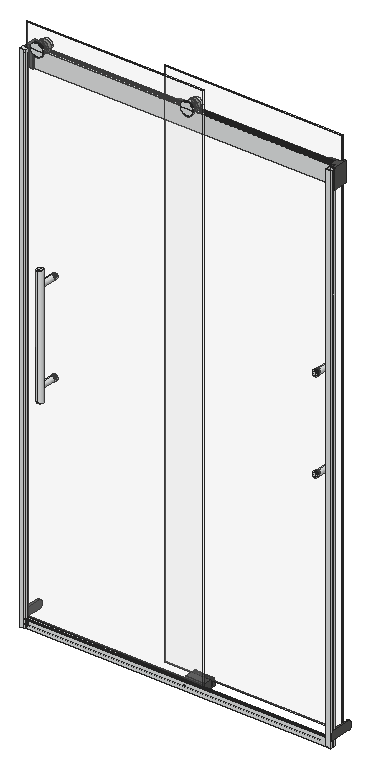
Revit family "Shower-Shower_Door-KOHLER-Levity_Plus-K-702421_1", category Specialty Equipment, host Face, Revit 2022 (continued)
Definition of nested family "K-702421"
  Lines and regions (in)
    symbolic lines, detail levels medium+fine
      curve 197: line (-5.70119, 2.47993, 74.76536) -> (-4.48952, 2.47993, 74.76536)
      curve 198: line (-5.83145, 2.16793, 74.76536) -> (-4.35927, 2.16793, 74.76536)
      curve 199: line (-5.75955, 2.82297, 74.76536) -> (-4.43116, 2.82297, 74.76536)
      curve 200: line (-5.70119, 2.52933, 74.76536) -> (-4.48952, 2.52933, 74.76536)
      curve 201: line (-6.03505, 2.99083, 74.76536) -> (-4.15567, 2.99083, 74.76536)
      curve 202: line (-6.03505, 2.86471, 74.76536) -> (-4.15567, 2.86471, 74.76536)
      curve 203: line (14.4061, 2.47993, 74.76536) -> (15.1561, 2.47993, 74.76536)
      curve 204: line (14.53357, 2.16793, 74.76536) -> (15.02863, 2.16793, 74.76536)
      curve 205: line (14.53357, 2.13223, 74.76536) -> (15.02863, 2.13223, 74.76536)
      curve 206: circle (14.7811, 4.47693, 74.76536) r 0.3885 normal (0, 0, 1)
      curve 207: arc (14.4061, 4.27721, 74.76536) -> (14.7811, 4.05254, 74.76536) -> (15.1561, 4.27721, 74.76536) r 0.42529
      curve 208: line (15.86691, 2.82297, 74.76536) -> (17.19529, 2.82297, 74.76536)
      curve 209: line (15.59142, 2.99084, 74.76536) -> (17.47078, 2.99084, 74.76536)
      curve 210: line (15.59142, 2.8647, 74.76536) -> (17.47078, 2.8647, 74.76536)
      curve 211: line (15.92679, 2.52933, 74.76536) -> (17.13541, 2.52933, 74.76536)
      curve 212: line (15.92679, 2.47993, 74.76536) -> (17.13541, 2.47993, 74.76536)
      curve 213: line (15.79242, 2.16793, 74.76536) -> (17.26978, 2.16793, 74.76536)
      curve 214: line (18.60887, 0.49045, 74.76536) -> (18.84746, 0.49045, 74.76536)
      curve 215: arc (18.60887, 0.49045, 74.76536) -> (18.53684, 0.52029, 74.76536) -> (18.507, 0.59232, 74.76536) r 0.10187
      curve 216: line (-25.79766, 0.32797, 74.76536) -> (-25.03644, 0.32797, 74.76536)
  Dimensions and locks (in)
    plane 5 to level = 30.86614"
    locked: plane 6 to plane 5 at 17.00787
    "Walk Thru": plane 7 to plane 3 "Center (Left/Right)"
    locked: plane 8 to plane 7 at 0.77715
    locked: plane 7 to plane 9 "E" at 3.28921
    plane 11 to level = 71.53543"
    locked: plane 12 to plane 11 at 2.55906
    plane 15 to plane 16 = 6.92913"
    locked: plane 21 "C" to plane 9 "E" at 1.75
    locked: plane 8 to plane 24 at 0.34046
    locked: plane 23 "D" to plane 9 "E" at 25.2506
    locked: plane 12 to plane 22 "X" at 1.47897
    locked: plane 4 to plane 12 at 3.46457
    locked: plane 6 to plane 18 at 2.02611
    locked: plane 17 to plane 5 at 1.98177
    plane 4 to level = 77.55906"
    plane 26 to level = 77.55906"
    plane 8 to plane 27 = 44.64512"
    plane 3 "Center (Left/Right)" to plane 27 = 25.79766"
    plane 28 to level = 61.5748"
    locked: plane 29 "T" to plane 9 "E" at 19.87646
    locked: plane 3 "Center (Left/Right)" to plane 27 at 25.79766
    aligned and locked: plane 2 to level
    aligned and locked: plane 7 to Extrusion 5
    aligned and locked: plane 7 to Extrusion 8
    aligned and locked: plane 8 to Extrusion 18 sketch curve
    aligned and locked: plane 8 to Extrusion 19
    aligned and locked: plane 24 to Extrusion 19
    aligned and locked: plane 7 to Extrusion 20 sketch curve
    aligned and locked: plane 8 to Extrusion 20 sketch curve
    aligned and locked: plane 24 to Extrusion 22 sketch curve
    aligned and locked: Masking region 1 sketch curve to plane 8
    aligned and locked: Masking region 1 sketch curve to Extrusion 18
    aligned and locked: Masking region 1 sketch curve to plane 7
    aligned and locked: Extrusion 18 to curve 84
    aligned and locked: Extrusion 9 to Revolve 25 sketch curve
    aligned and locked: plane 7 to Extrusion 31
    aligned and locked: Masking region 2 sketch curve to Extrusion 10
    aligned and locked: plane 24 to Masking region 3 sketch curve  (x2)
    aligned and locked: Masking region 3 sketch curve to Extrusion 18
    aligned and locked: plane 7 to Masking region 3 sketch curve  (x2)
    aligned and locked: plane 8 to Masking region 3 sketch curve
    aligned and locked: Extrusion 18 to Masking region 3 sketch curve
    aligned and locked: Masking region 4 sketch curve to Extrusion 22
    aligned and locked: Masking region 4 sketch curve to Revolve 13
    aligned and locked: Masking region 4 sketch curve to Revolve 32  (x2)
    aligned and locked: plane 24 to Masking region 4 sketch curve
    aligned and locked: Masking region 4 sketch curve to Revolve 14  (x3)
    aligned and locked: plane 7 to curve 190
    aligned and locked: curve 191 to Extrusion 18
    aligned and locked: curve 206 to Revolve 17
  Automatic sketch dimensions
    Extrusion 1 sketch curve to Extrusion 1 sketch curve = 0.03079"
    Extrusion 1 sketch curve to Extrusion 1 sketch curve = 0.2541"
    Extrusion 1 sketch curve to Extrusion 1 sketch curve = 0.25668"
    Extrusion 1 sketch curve to Extrusion 1 sketch curve = 0.0315"  (x2)
    Extrusion 1 sketch curve to Extrusion 1 sketch curve = 0.60218"
    Extrusion 1 sketch curve to Extrusion 1 sketch curve = 0.03039"
    Extrusion 1 sketch curve to plane 1 "Center (Front/Back)" = 0.35413"
    Extrusion 1 sketch curve to Extrusion 1 sketch curve = 0.47171"
    Extrusion 1 sketch curve to Extrusion 1 sketch curve = 1.10192"
    Extrusion 1 sketch curve to Extrusion 1 sketch curve = 0.00743"
    Extrusion 1 sketch curve to Extrusion 1 sketch curve = 0.34229"
    plane 1 "Center (Front/Back)" to Extrusion 2 sketch curve = 0"  (x2)
    Extrusion 2 sketch curve to Extrusion 2 sketch curve = 0.04131"
    Extrusion 2 sketch curve to Extrusion 2 sketch curve = 0.09136"
    Extrusion 2 sketch curve to Extrusion 2 sketch curve = 0.19461"  (x2)
    Extrusion 2 sketch curve to Extrusion 2 sketch curve = 0.14115"  (x2)
    plane 1 "Center (Front/Back)" to Extrusion 2 sketch curve = 0.32797"
    Extrusion 2 sketch curve to Extrusion 2 sketch curve = 0.00361"  (x2)
    Extrusion 2 sketch curve to Extrusion 2 sketch curve = 0.10339"
    plane 1 "Center (Front/Back)" to Extrusion 2 sketch curve = 0.30702"
    Extrusion 2 sketch curve to Extrusion 2 sketch curve = 0.03454"  (x2)
    Extrusion 2 sketch curve to Extrusion 2 sketch curve = 0.01994"  (x2)
    Extrusion 2 sketch curve to Extrusion 2 sketch curve = 0.04271"  (x2)
    Extrusion 2 sketch curve to Extrusion 2 sketch curve = 0.06265"
    Extrusion 2 sketch curve to plane 1 "Center (Front/Back)" = 0.20982"
    Extrusion 2 sketch curve to Extrusion 2 sketch curve = 0"
    Extrusion 2 sketch curve to plane 1 "Center (Front/Back)" = 0.22464"
    Extrusion 3 sketch curve to Extrusion 3 sketch curve = 0.05752"  (x2)
    plane 1 "Center (Front/Back)" to Extrusion 3 sketch curve = 0.32797"
    Extrusion 3 sketch curve to Extrusion 3 sketch curve = 0.59999"  (x2)
    Extrusion 3 sketch curve to Extrusion 3 sketch curve = 0.00361"  (x2)
    Extrusion 3 sketch curve to Extrusion 3 sketch curve = 0.10339"
    plane 1 "Center (Front/Back)" to Extrusion 3 sketch curve = 0.30702"
    Extrusion 3 sketch curve to Extrusion 3 sketch curve = 0.05449"  (x2)
    Extrusion 3 sketch curve to plane 1 "Center (Front/Back)" = 0.22464"
    Extrusion 3 sketch curve to plane 1 "Center (Front/Back)" = 0.25253"
    plane 1 "Center (Front/Back)" to Extrusion 4 sketch curve = 0.20982"
    plane 20 to Extrusion 4 sketch curve = 1.55993"
    Extrusion 4 sketch curve to Extrusion 4 sketch curve = 0.01972"
    Extrusion 4 sketch curve to Extrusion 4 sketch curve = 0.25882"
    level to Extrusion 4 sketch curve = 1.05663"
    Extrusion 4 sketch curve to Extrusion 4 sketch curve = 0.57809"
    Extrusion 5 sketch curve to level = 0"
    Extrusion 5 sketch curve to plane 1 "Center (Front/Back)" = 0"
    plane 1 "Center (Front/Back)" to Extrusion 5 sketch curve = 0.19878"
    Extrusion 5 sketch curve to plane 1 "Center (Front/Back)" = 3/128"
    Extrusion 5 sketch curve to Extrusion 5 sketch curve = 0.04434"
    Extrusion 5 sketch curve to Extrusion 5 sketch curve = 0.04019"
    Extrusion 5 sketch curve to Extrusion 5 sketch curve = 0.07819"
    Extrusion 5 sketch curve to Extrusion 5 sketch curve = 0.0297"
    Extrusion 5 sketch curve to Extrusion 5 sketch curve = 0.02696"
    level to Extrusion 5 sketch curve = 0.07959"
    Extrusion 5 sketch curve to plane 1 "Center (Front/Back)" = 0.14319"
    Extrusion 5 sketch curve to Extrusion 5 sketch curve = 0.05652"
    Extrusion 5 sketch curve to Extrusion 5 sketch curve = 0.06857"
    Extrusion 5 sketch curve to Extrusion 5 sketch curve = 0.02971"
    Extrusion 5 sketch curve to Extrusion 5 sketch curve = 0.03753"
    Extrusion 5 sketch curve to Extrusion 5 sketch curve = 0.02998"
    Extrusion 5 sketch curve to Extrusion 5 sketch curve = 45/128"
    Extrusion 5 sketch curve to Extrusion 5 sketch curve = 0.34333"
    Extrusion 5 sketch curve to Extrusion 5 sketch curve = 0.07224"
    Extrusion 5 sketch curve to Extrusion 5 sketch curve = 0.01101"
    Extrusion 5 sketch curve to Extrusion 5 sketch curve = 15/128"
    Extrusion 5 sketch curve to Extrusion 5 sketch curve = 0.50603"
    Extrusion 5 sketch curve to Extrusion 5 sketch curve = 0.00157"
    Extrusion 5 sketch curve to Extrusion 5 sketch curve = 0.02425"
    Extrusion 5 sketch curve to Extrusion 5 sketch curve = 0.01999"
    Extrusion 5 sketch curve to Extrusion 5 sketch curve = 0.04542"
    Extrusion 5 sketch curve to Extrusion 5 sketch curve = 0.01816"
    Revolve 6 sketch curve to plane 14 = 0"  (x2)
    Revolve 6 sketch curve to plane 1 "Center (Front/Back)" = 1.79905"
    Revolve 6 sketch curve to Revolve 6 sketch curve = 0.36643"
    Revolve 6 sketch curve to Revolve 6 sketch curve = 0.18701"  (x2)
    Revolve 6 sketch curve to Revolve 6 sketch curve = 0.13646"
    Revolve 6 sketch curve to Revolve 6 sketch curve = 0.19685"  (x2)
    Revolve 6 sketch curve to Revolve 6 sketch curve = 0.35769"
    Revolve 6 sketch curve to plane 1 "Center (Front/Back)" = 0.06827"
    Revolve 6 sketch curve to plane 1 "Center (Front/Back)" = 0.02811"
    plane 1 "Center (Front/Back)" to Revolve 6 sketch curve = 0.09751"
    Revolve 6 sketch curve to Revolve 6 sketch curve = 0.04293"
    plane 14 to Revolve 6 sketch curve = 0.4638"
    plane 14 to Revolve 6 sketch curve = 0.47661"
    Revolve 6 sketch curve to Revolve 6 sketch curve = 0.05951"
    Revolve 6 sketch curve to Revolve 6 sketch curve = 0.21742"
    Revolve 6 sketch curve to Revolve 6 sketch curve = 0.26917"
    Revolve 6 sketch curve to Revolve 6 sketch curve = 0.05219"
    Revolve 6 sketch curve to Revolve 6 sketch curve = 0.23207"
    Revolve 6 sketch curve to Revolve 6 sketch curve = 0.00276"
    Revolve 6 sketch curve to Revolve 6 sketch curve = 0.04017"
    Revolve 6 sketch curve to Revolve 6 sketch curve = 0.98425"
    Revolve 6 sketch curve to Revolve 6 sketch curve = 0"
    Revolve 7 sketch curve to plane 1 "Center (Front/Back)" = 1.79905"
    Revolve 7 sketch curve to Revolve 7 sketch curve = 0.36643"
    Revolve 7 sketch curve to Revolve 7 sketch curve = 0.18701"  (x2)
    Revolve 7 sketch curve to Revolve 7 sketch curve = 0.13646"
    Revolve 7 sketch curve to Revolve 7 sketch curve = 0.19685"  (x2)
    Revolve 7 sketch curve to Revolve 7 sketch curve = 0.35769"
    Revolve 7 sketch curve to plane 1 "Center (Front/Back)" = 0.06827"
    Revolve 7 sketch curve to plane 1 "Center (Front/Back)" = 0.02811"
    plane 1 "Center (Front/Back)" to Revolve 7 sketch curve = 0.09751"
    Revolve 7 sketch curve to Revolve 7 sketch curve = 0.04293"
    Revolve 7 sketch curve to Revolve 7 sketch curve = 0.05951"
    Revolve 7 sketch curve to Revolve 7 sketch curve = 0.21742"
    Revolve 7 sketch curve to Revolve 7 sketch curve = 0.26917"
    Revolve 7 sketch curve to Revolve 7 sketch curve = 0.05219"
    Revolve 7 sketch curve to Revolve 7 sketch curve = 0.23207"
    Revolve 7 sketch curve to Revolve 7 sketch curve = 0.00276"
    Revolve 7 sketch curve to Revolve 7 sketch curve = 0.04017"
    Revolve 7 sketch curve to Revolve 7 sketch curve = 0.98425"
    Revolve 7 sketch curve to Revolve 7 sketch curve = 0"  (x2)
    Extrusion 8 sketch curve to plane 11 = 0"
    Extrusion 8 sketch curve to plane 12 = 0"  (x2)
    Extrusion 8 sketch curve to plane 1 "Center (Front/Back)" = 0.97838"
    Extrusion 8 sketch curve to plane 12 = 0.01983"
    Extrusion 8 sketch curve to Extrusion 8 sketch curve = 0.04771"
    Extrusion 8 sketch curve to plane 12 = 0.17086"
    Extrusion 8 sketch curve to Extrusion 8 sketch curve = 0.19946"
    Extrusion 8 sketch curve to Extrusion 8 sketch curve = 0.06749"
    Extrusion 8 sketch curve to Extrusion 8 sketch curve = 0.07625"
    Extrusion 8 sketch curve to plane 12 = 0.09209"
    Extrusion 8 sketch curve to Extrusion 8 sketch curve = 0.10945"
    Extrusion 8 sketch curve to Extrusion 8 sketch curve = 0.00724"
    Extrusion 8 sketch curve to Extrusion 8 sketch curve = 0.01781"
    Extrusion 8 sketch curve to Extrusion 8 sketch curve = 0.07472"
    plane 11 to Extrusion 8 sketch curve = 0.24844"
    Extrusion 8 sketch curve to Extrusion 8 sketch curve = 0.26709"
    Extrusion 8 sketch curve to Extrusion 8 sketch curve = 0.25238"
    Extrusion 8 sketch curve to Extrusion 8 sketch curve = 0.11432"
    Extrusion 8 sketch curve to Extrusion 8 sketch curve = 0.167"
    Extrusion 8 sketch curve to Extrusion 8 sketch curve = 0.38221"
    Extrusion 8 sketch curve to Extrusion 8 sketch curve = 0.02708"
    plane 11 to Extrusion 8 sketch curve = 0.06014"
    Extrusion 8 sketch curve to Extrusion 8 sketch curve = 0.03426"
    Extrusion 8 sketch curve to Extrusion 8 sketch curve = 0.04358"
    Extrusion 8 sketch curve to Extrusion 8 sketch curve = 0.05805"
    Extrusion 8 sketch curve to Extrusion 8 sketch curve = 0.04965"
    Extrusion 8 sketch curve to Extrusion 8 sketch curve = 0.03062"
    Extrusion 8 sketch curve to Extrusion 8 sketch curve = 0.27127"
    Extrusion 8 sketch curve to Extrusion 8 sketch curve = 0.01337"
    Extrusion 8 sketch curve to Extrusion 8 sketch curve = 1/8"
    Extrusion 8 sketch curve to Extrusion 8 sketch curve = 0.62317"
    Extrusion 8 sketch curve to Extrusion 8 sketch curve = 0.09894"
    Extrusion 8 sketch curve to Extrusion 8 sketch curve = 0.11003"
    Extrusion 8 sketch curve to Extrusion 8 sketch curve = 0.06863"
    Extrusion 8 sketch curve to Extrusion 8 sketch curve = 0.04403"
    Extrusion 8 sketch curve to Extrusion 8 sketch curve = 0.07343"
    Extrusion 8 sketch curve to Extrusion 8 sketch curve = 0.06223"
    Extrusion 9 sketch curve to plane 3 "Center (Left/Right)" = 0.06152"  (x2)
    Extrusion 9 sketch curve to plane 1 "Center (Front/Back)" = 0.7253"
    Extrusion 9 sketch curve to Extrusion 9 sketch curve = 0.156"  (x2)
    Extrusion 9 sketch curve to plane 3 "Center (Left/Right)" = 0.22365"
    Extrusion 9 sketch curve to Extrusion 9 sketch curve = 0.18895"
    Extrusion 10 sketch curve to level = 0"
    Extrusion 10 sketch curve to plane 1 "Center (Front/Back)" = 0.30693"
    Extrusion 10 sketch curve to Extrusion 10 sketch curve = 0.16911"
    Extrusion 10 sketch curve to Extrusion 10 sketch curve = 0.03435"
    Extrusion 10 sketch curve to Extrusion 10 sketch curve = 0.04675"
    Extrusion 10 sketch curve to Extrusion 10 sketch curve = 0.27567"
    Extrusion 10 sketch curve to Extrusion 10 sketch curve = 0.02104"  (x2)
    level to Extrusion 10 sketch curve = 0.22974"  (x2)
    Extrusion 10 sketch curve to Extrusion 10 sketch curve = 0.10752"
    Extrusion 10 sketch curve to Extrusion 10 sketch curve = 0.08964"  (x2)
    Extrusion 10 sketch curve to Extrusion 10 sketch curve = 0.18469"  (x2)
    level to Extrusion 10 sketch curve = 0.22333"  (x2)
    Extrusion 10 sketch curve to Extrusion 10 sketch curve = 0.08608"  (x2)
    Extrusion 10 sketch curve to plane 1 "Center (Front/Back)" = 0.99117"
    Extrusion 10 sketch curve to Extrusion 10 sketch curve = 0.41665"  (x2)
    Extrusion 10 sketch curve to Extrusion 10 sketch curve = 0.04608"  (x2)
    Extrusion 10 sketch curve to Extrusion 10 sketch curve = 1.03242"
    level to Extrusion 10 sketch curve = 1.02412"
    Extrusion 10 sketch curve to Extrusion 10 sketch curve = 0.04197"
    Extrusion 10 sketch curve to Extrusion 10 sketch curve = 0.13366"
    level to Extrusion 10 sketch curve = 1.04611"
    Extrusion 10 sketch curve to Extrusion 10 sketch curve = 0.02291"
    Extrusion 10 sketch curve to Extrusion 10 sketch curve = 0.2467"
    level to Extrusion 10 sketch curve = 0.08994"
    Extrusion 10 sketch curve to Extrusion 10 sketch curve = 0.03772"
    Extrusion 10 sketch curve to Extrusion 10 sketch curve = 0.08809"
    Extrusion 10 sketch curve to Extrusion 10 sketch curve = 0.08169"
    Extrusion 10 sketch curve to Extrusion 10 sketch curve = 0.79837"
    Extrusion 10 sketch curve to Extrusion 10 sketch curve = 0.00241"
    Extrusion 10 sketch curve to Extrusion 10 sketch curve = 0.0012"
    Extrusion 10 sketch curve to Extrusion 10 sketch curve = 0.02268"
    Extrusion 10 sketch curve to Extrusion 10 sketch curve = 0.02105"
    Extrusion 10 sketch curve to Extrusion 10 sketch curve = 0.00037"
    Extrusion 10 sketch curve to Extrusion 10 sketch curve = 1.18136"
    plane 17 to Revolve 11 sketch curve = 0"  (x2)
    Revolve 11 sketch curve to plane 19 = 0.174"
    Revolve 11 sketch curve to plane 1 "Center (Front/Back)" = 0.4133"
    Revolve 11 sketch curve to Revolve 11 sketch curve = 0.34891"
    Revolve 11 sketch curve to Revolve 11 sketch curve = 0.03514"
    Revolve 11 sketch curve to Revolve 11 sketch curve = 0.19072"
    Revolve 11 sketch curve to Revolve 11 sketch curve = 0.03275"
    Revolve 11 sketch curve to plane 17 = 1/4"
    Revolve 11 sketch curve to Revolve 11 sketch curve = 0.11446"
    Revolve 11 sketch curve to Revolve 11 sketch curve = 1/8"
    plane 15 to Revolve 11 sketch curve = 35/128"
    Revolve 11 sketch curve to Revolve 11 sketch curve = 0.51073"
    Revolve 12 sketch curve to plane 15 = 0"
    Revolve 12 sketch curve to plane 5 = 0"
    Revolve 12 sketch curve to plane 6 = 0"
    Revolve 12 sketch curve to plane 19 = 0"  (x2)
    Revolve 12 sketch curve to plane 15 = 0.04993"
    Revolve 12 sketch curve to plane 15 = 0.05514"
    plane 5 to Revolve 12 sketch curve = 0.04993"
    Revolve 12 sketch curve to plane 6 = 0.05514"
    plane 6 to Revolve 12 sketch curve = 0.28607"
    Revolve 12 sketch curve to Revolve 12 sketch curve = 0.3937"
    plane 22 "X" to Revolve 14 sketch curve = 0"  (x2)
    Revolve 14 sketch curve to plane 22 "X" = 0.60618"
    Revolve 14 sketch curve to Revolve 14 sketch curve = 0.05802"
    Revolve 14 sketch curve to Revolve 14 sketch curve = 0.12991"
    Revolve 14 sketch curve to Revolve 14 sketch curve = 0.23375"
    Revolve 14 sketch curve to Revolve 14 sketch curve = 0.00086"
    Revolve 14 sketch curve to Revolve 14 sketch curve = 0.04165"  (x2)
    plane 20 to Revolve 14 sketch curve = 1.44522"
    Revolve 14 sketch curve to Revolve 14 sketch curve = 0.04078"
    Revolve 14 sketch curve to Revolve 14 sketch curve = 0.12631"
    Revolve 14 sketch curve to Revolve 14 sketch curve = 0.29364"
    Revolve 14 sketch curve to Revolve 14 sketch curve = 0.3614"
    Revolve 14 sketch curve to Revolve 14 sketch curve = 0.25664"
    Revolve 14 sketch curve to Revolve 14 sketch curve = 0.3937"
    Revolve 14 sketch curve to Revolve 14 sketch curve = 0.50511"
    plane 18 to Revolve 15 sketch curve = 0"  (x2)
    Revolve 15 sketch curve to plane 18 = 1/4"
    Revolve 15 sketch curve to Revolve 15 sketch curve = 0.11446"
    Revolve 15 sketch curve to Revolve 15 sketch curve = 0.00238"
    Revolve 15 sketch curve to Revolve 15 sketch curve = 1/8"
    Revolve 15 sketch curve to Revolve 15 sketch curve = 0.03514"
    Revolve 15 sketch curve to plane 20 = 0.00834"
    plane 20 to Revolve 15 sketch curve = 1.99579"
    Revolve 15 sketch curve to Revolve 15 sketch curve = 0.34891"
    Revolve 15 sketch curve to Revolve 15 sketch curve = 0.19072"
    plane 16 to Revolve 15 sketch curve = 0.29339"
    Revolve 15 sketch curve to Revolve 15 sketch curve = 0.51073"
    plane 17 to Revolve 16 sketch curve = 0"  (x2)
    Revolve 16 sketch curve to plane 17 = 1/4"
    Revolve 16 sketch curve to Revolve 16 sketch curve = 0.11446"
    Revolve 16 sketch curve to Revolve 16 sketch curve = 0.00238"
    Revolve 16 sketch curve to Revolve 16 sketch curve = 1/8"
    Revolve 16 sketch curve to Revolve 16 sketch curve = 0.03514"
    Revolve 16 sketch curve to plane 20 = 0.00834"
    plane 20 to Revolve 16 sketch curve = 1.997"
    Revolve 16 sketch curve to Revolve 16 sketch curve = 0.3477"
    Revolve 16 sketch curve to Revolve 16 sketch curve = 0.19072"
    plane 16 to Revolve 16 sketch curve = 0.29339"
    Revolve 16 sketch curve to Revolve 16 sketch curve = 0.51073"
    plane 1 "Center (Front/Back)" to Extrusion 19 sketch curve = 0.23901"
    plane 20 to Extrusion 19 sketch curve = 1.55993"
    Extrusion 19 sketch curve to Extrusion 19 sketch curve = 0.01972"
    Extrusion 19 sketch curve to Extrusion 19 sketch curve = 0.25882"
    level to Extrusion 19 sketch curve = 2.13263"
    Extrusion 19 sketch curve to Extrusion 19 sketch curve = 0.57809"
    plane 20 to Extrusion 22 sketch curve = 1.997"
    Extrusion 22 sketch curve to Extrusion 22 sketch curve = 0.04735"
    Extrusion 22 sketch curve to Extrusion 22 sketch curve = 0.156"  (x2)
    Extrusion 22 sketch curve to Extrusion 22 sketch curve = 0.21741"
    Extrusion 22 sketch curve to plane 23 "D" = 3.59121"
    Extrusion 22 sketch curve to Extrusion 22 sketch curve = 0.16214"
    plane 18 to Revolve 23 sketch curve = 0"  (x2)
    Revolve 23 sketch curve to plane 19 = 0.174"
    Revolve 23 sketch curve to plane 1 "Center (Front/Back)" = 0.4133"
    Revolve 23 sketch curve to Revolve 23 sketch curve = 0.34891"
    Revolve 23 sketch curve to Revolve 23 sketch curve = 0.03514"
    Revolve 23 sketch curve to Revolve 23 sketch curve = 0.19072"
    Revolve 23 sketch curve to Revolve 23 sketch curve = 0.03275"
    Revolve 23 sketch curve to plane 18 = 1/4"
    Revolve 23 sketch curve to Revolve 23 sketch curve = 0.11446"
    Revolve 23 sketch curve to Revolve 23 sketch curve = 1/8"
    plane 15 to Revolve 23 sketch curve = 35/128"
    Revolve 23 sketch curve to Revolve 23 sketch curve = 0.51073"
    Extrusion 24 sketch curve to plane 1 "Center (Front/Back)" = 0.32797"
    plane 1 "Center (Front/Back)" to Extrusion 24 sketch curve = 0.32797"
    Extrusion 24 sketch curve to Extrusion 24 sketch curve = 0.76451"
    Revolve 25 sketch curve to Revolve 25 sketch curve = 0.19685"  (x2)
    Revolve 25 sketch curve to Revolve 25 sketch curve = 0.13646"
    Revolve 25 sketch curve to Revolve 25 sketch curve = 0.37402"
    Revolve 25 sketch curve to Revolve 25 sketch curve = 0.36643"
    Revolve 25 sketch curve to plane 1 "Center (Front/Back)" = 0.06827"
    plane 1 "Center (Front/Back)" to Revolve 25 sketch curve = 0.14044"
    Revolve 25 sketch curve to Revolve 25 sketch curve = 0.12453"
    Revolve 25 sketch curve to Revolve 25 sketch curve = 0.15792"
    Revolve 25 sketch curve to Revolve 25 sketch curve = 0.07232"
    Revolve 25 sketch curve to Revolve 25 sketch curve = 0.05219"
    Revolve 25 sketch curve to Revolve 25 sketch curve = 0.275"
    Revolve 25 sketch curve to Revolve 25 sketch curve = 0.31118"
    Revolve 26 sketch curve to plane 14 = 0"  (x2)
    Revolve 26 sketch curve to plane 1 "Center (Front/Back)" = 1.79905"
    Revolve 26 sketch curve to Revolve 26 sketch curve = 0.36643"
    Revolve 26 sketch curve to Revolve 26 sketch curve = 0.37402"
    Revolve 26 sketch curve to Revolve 26 sketch curve = 0.13646"
    Revolve 26 sketch curve to Revolve 26 sketch curve = 0.19685"  (x2)
    Revolve 26 sketch curve to plane 1 "Center (Front/Back)" = 0.06827"
    plane 1 "Center (Front/Back)" to Revolve 26 sketch curve = 0.14044"
    plane 14 to Revolve 26 sketch curve = 0.53612"
    Revolve 26 sketch curve to Revolve 26 sketch curve = 0.12453"
    Revolve 26 sketch curve to Revolve 26 sketch curve = 0.15792"
    Revolve 26 sketch curve to Revolve 26 sketch curve = 0.07232"
    Revolve 26 sketch curve to Revolve 26 sketch curve = 0.05219"
    Revolve 26 sketch curve to Revolve 26 sketch curve = 0.275"
    Revolve 26 sketch curve to Revolve 26 sketch curve = 0.31118"
    Extrusion 27 sketch curve to plane 10 "B" = 0"  (x2)
    Extrusion 27 sketch curve to plane 17 = 0"
    Extrusion 27 sketch curve to plane 18 = 0"
    plane 10 "B" to Extrusion 28 sketch curve = 0"
    plane 19 to Extrusion 28 sketch curve = 0"
    Revolve 17 sketch curve to plane 5 = 0"
    Revolve 17 sketch curve to plane 16 = 0"
    Revolve 17 sketch curve to plane 6 = 0"
    Revolve 17 sketch curve to plane 20 = 0"  (x2)
    plane 5 to Revolve 17 sketch curve = 0.03117"
    Revolve 17 sketch curve to plane 6 = 0.03637"
    Revolve 17 sketch curve to plane 16 = 0.03117"
    Revolve 17 sketch curve to plane 16 = 0.03637"
    plane 6 to Revolve 17 sketch curve = 0.28607"
    Revolve 17 sketch curve to Revolve 17 sketch curve = 0.3937"
    plane 18 to Revolve 29 sketch curve = 0"  (x2)
    Revolve 29 sketch curve to plane 20 = 0"
    Revolve 29 sketch curve to plane 18 = 3/8"
    Revolve 29 sketch curve to plane 1 "Center (Front/Back)" = 1.87284"
    plane 16 to Revolve 29 sketch curve = 0.75623"
    Revolve 29 sketch curve to Revolve 29 sketch curve = 1.1811"
    plane 17 to Revolve 30 sketch curve = 0"  (x2)
    Revolve 30 sketch curve to plane 20 = 0"
    Revolve 30 sketch curve to plane 17 = 3/8"
    Revolve 30 sketch curve to plane 1 "Center (Front/Back)" = 1.87284"
    plane 16 to Revolve 30 sketch curve = 0.75623"
    Revolve 30 sketch curve to Revolve 30 sketch curve = 1.1811"
    Extrusion 31 sketch curve to plane 12 = 0"
    Extrusion 31 sketch curve to plane 1 "Center (Front/Back)" = 0.97838"
    Extrusion 31 sketch curve to plane 11 = 0"
    Extrusion 31 sketch curve to Extrusion 31 sketch curve = 0.94794"
    Revolve 32 sketch curve to plane 5 = 0"
    Revolve 32 sketch curve to plane 6 = 0"
    Revolve 32 sketch curve to plane 20 = 0"  (x2)
    Revolve 32 sketch curve to plane 16 = 0"
    Revolve 32 sketch curve to Revolve 32 sketch curve = 0.69979"
    Revolve 32 sketch curve to Revolve 32 sketch curve = 0.59055"
    plane 22 "X" to Revolve 13 sketch curve = 0"  (x2)
    plane 20 to Revolve 13 sketch curve = 1.44522"
    Revolve 13 sketch curve to plane 12 = 0.53937"
    Revolve 13 sketch curve to Revolve 13 sketch curve = 0.04078"  (x2)
    Revolve 13 sketch curve to Revolve 13 sketch curve = 0.12631"
    Revolve 13 sketch curve to plane 12 = 0.58102"
    Revolve 13 sketch curve to Revolve 13 sketch curve = 0.04165"
    Revolve 13 sketch curve to Revolve 13 sketch curve = 0.29364"
    Revolve 13 sketch curve to Revolve 13 sketch curve = 0.3614"
    Revolve 13 sketch curve to Revolve 13 sketch curve = 0.25664"
    Revolve 13 sketch curve to plane 22 "X" = 0.60618"
    Revolve 13 sketch curve to Revolve 13 sketch curve = 0.05802"
    Revolve 13 sketch curve to Revolve 13 sketch curve = 0.12991"
    Revolve 13 sketch curve to Revolve 13 sketch curve = 0.3937"
    Revolve 13 sketch curve to Revolve 13 sketch curve = 0.50511"
    Extrusion 1 sketch curve to plane 27 = 0"
    plane 27 to Extrusion 1 sketch curve = 0.0315"
    plane 27 to Extrusion 1 sketch curve = 81/256"
    Extrusion 2 sketch curve to plane 27 = 0"  (x2)
    plane 27 to Extrusion 2 sketch curve = 0.05752"  (x2)
    plane 27 to Extrusion 2 sketch curve = 0.18908"
    Extrusion 3 sketch curve to plane 27 = 0"
    plane 27 to Extrusion 9 sketch curve = 0.56656"
    Extrusion 24 sketch curve to plane 27 = 0"
    Masking region 2 sketch curve to plane 16 = 0"
    Masking region 2 sketch curve to plane 5 = 0"  (x2)
    Masking region 2 sketch curve to level = 0"  (x2)
    Masking region 2 sketch curve to plane 4 = 0"  (x2)
    plane 13 "A" to Masking region 2 sketch curve = 0"
    plane 13 "A" to Masking region 2 sketch curve = 0.45105"
    Masking region 2 sketch curve to plane 6 = 0"  (x2)
    Masking region 2 sketch curve to plane 15 = 0"
    Masking region 2 sketch curve to plane 16 = 0.04993"  (x2)
    plane 20 to Masking region 2 sketch curve = 0.37494"
    plane 20 to Masking region 2 sketch curve = 0.42487"  (x3)
    Masking region 2 sketch curve to plane 6 = 0.04993"  (x4)
    plane 20 to Masking region 2 sketch curve = 1.30112"
    plane 11 to Masking region 2 sketch curve = 0.18128"
    plane 11 to Masking region 2 sketch curve = 0.1405"
    Masking region 2 sketch curve to Masking region 2 sketch curve = 0.04078"  (x3)
    Masking region 2 sketch curve to Masking region 2 sketch curve = 0.23909"
    Masking region 2 sketch curve to Masking region 2 sketch curve = 0.25882"
    Masking region 2 sketch curve to Masking region 2 sketch curve = 0.12631"  (x2)
    Masking region 2 sketch curve to Masking region 2 sketch curve = 0.04165"  (x3)
    Masking region 2 sketch curve to Masking region 2 sketch curve = 0.14277"
    Masking region 2 sketch curve to Masking region 2 sketch curve = 0.19815"
    Masking region 2 sketch curve to Masking region 2 sketch curve = 0.17689"
    plane 17 to Masking region 2 sketch curve = 3/8"  (x2)
    Masking region 2 sketch curve to Masking region 2 sketch curve = 1.50182"
    level to Masking region 2 sketch curve = 0.22974"  (x2)
    Masking region 2 sketch curve to Masking region 2 sketch curve = 0.2467"
    Masking region 2 sketch curve to Masking region 2 sketch curve = 0.29364"  (x2)
    Masking region 2 sketch curve to Masking region 2 sketch curve = 0.04655"
    Masking region 2 sketch curve to Masking region 2 sketch curve = 0.0352"
    Masking region 2 sketch curve to Masking region 2 sketch curve = 0.0494"  (x2)
    plane 18 to Masking region 2 sketch curve = 3/8"  (x2)
    Masking region 2 sketch curve to Masking region 2 sketch curve = 1.57213"
    Masking region 2 sketch curve to Masking region 2 sketch curve = 0.43707"
    Masking region 2 sketch curve to Masking region 2 sketch curve = 0.08964"  (x2)
    Masking region 2 sketch curve to Masking region 2 sketch curve = 0.18469"  (x2)
    level to Masking region 2 sketch curve = 0.22333"  (x2)
    Masking region 2 sketch curve to Masking region 2 sketch curve = 0.08608"  (x2)
    Masking region 2 sketch curve to Masking region 2 sketch curve = 0.312"  (x9)
    level to Masking region 2 sketch curve = 1.02412"
    Masking region 2 sketch curve to Masking region 2 sketch curve = 0.02306"
    Masking region 2 sketch curve to Masking region 2 sketch curve = 0.03691"  (x7)
    Masking region 2 sketch curve to Masking region 2 sketch curve = 0.01593"  (x2)
    Masking region 2 sketch curve to Masking region 2 sketch curve = 0.03015"  (x2)
    Masking region 2 sketch curve to Masking region 2 sketch curve = 0.03582"  (x8)
    Masking region 2 sketch curve to Masking region 2 sketch curve = 0.19149"  (x8)
    Masking region 2 sketch curve to Masking region 2 sketch curve = 0.03087"  (x6)
    Masking region 2 sketch curve to Masking region 2 sketch curve = 0.36888"
    Masking region 2 sketch curve to Masking region 2 sketch curve = 0.36643"
    Masking region 2 sketch curve to Masking region 2 sketch curve = 0.18701"  (x2)
    plane 17 to Masking region 2 sketch curve = 0.3683"
    Masking region 2 sketch curve to Masking region 2 sketch curve = 0.85245"  (x2)
    plane 18 to Masking region 2 sketch curve = 0.3683"
    Masking region 2 sketch curve to plane 1 "Center (Front/Back)" = 0.99117"
    Masking region 2 sketch curve to Masking region 2 sketch curve = 0.01285"
    Masking region 2 sketch curve to Masking region 2 sketch curve = 0.13646"
    Masking region 2 sketch curve to plane 1 "Center (Front/Back)" = 0.7253"
    Masking region 2 sketch curve to Masking region 2 sketch curve = 0.41682"
    Masking region 2 sketch curve to Masking region 2 sketch curve = 0.06077"
    Masking region 2 sketch curve to Masking region 2 sketch curve = 0.04675"
    Masking region 2 sketch curve to Masking region 2 sketch curve = 0.01566"
    Masking region 2 sketch curve to Masking region 2 sketch curve = 0.03435"
    Masking region 2 sketch curve to Masking region 2 sketch curve = 0.04569"
    Masking region 2 sketch curve to Masking region 2 sketch curve = 0.08168"  (x3)
    Masking region 2 sketch curve to Masking region 2 sketch curve = 0.14801"
    Masking region 2 sketch curve to plane 1 "Center (Front/Back)" = 0.06827"
    Masking region 2 sketch curve to plane 1 "Center (Front/Back)" = 0.02728"
    plane 1 "Center (Front/Back)" to Masking region 2 sketch curve = 0.09747"
    plane 1 "Center (Front/Back)" to Masking region 2 sketch curve = 0.19878"
    plane 1 "Center (Front/Back)" to Masking region 2 sketch curve = 0.32797"
    Masking region 2 sketch curve to Masking region 2 sketch curve = 0.12919"
    Masking region 2 sketch curve to plane 19 = 0.44363"  (x3)
    Masking region 2 sketch curve to Masking region 2 sketch curve = 0.04993"  (x3)
    Masking region 2 sketch curve to plane 15 = 0.04993"  (x2)
    level to Masking region 2 sketch curve = 0.07959"
    level to Masking region 2 sketch curve = 0.08036"
    Masking region 2 sketch curve to Masking region 2 sketch curve = 0.01035"
    Masking region 2 sketch curve to Masking region 2 sketch curve = 0.03772"
    Masking region 2 sketch curve to Masking region 2 sketch curve = 0.08169"
    Masking region 2 sketch curve to Masking region 2 sketch curve = 0.08809"
    Masking region 2 sketch curve to Masking region 2 sketch curve = 0.12778"
    Masking region 2 sketch curve to Masking region 2 sketch curve = 0.00241"
    Masking region 2 sketch curve to Masking region 2 sketch curve = 0.1603"
    Masking region 2 sketch curve to Masking region 2 sketch curve = 0"  (x2)
    Masking region 2 sketch curve to Masking region 2 sketch curve = 0.57809"
    Masking region 2 sketch curve to Masking region 2 sketch curve = 1.076"
    Masking region 2 sketch curve to Masking region 2 sketch curve = 0.11658"
    plane 5 to Masking region 2 sketch curve = 0.04993"  (x4)
    Masking region 2 sketch curve to Masking region 2 sketch curve = 0.02417"  (x2)
    Masking region 2 sketch curve to Masking region 2 sketch curve = 0.01165"  (x2)
    Masking region 2 sketch curve to Masking region 2 sketch curve = 0.11335"  (x8)
    Masking region 2 sketch curve to plane 17 = 1/4"  (x2)
    Masking region 2 sketch curve to plane 17 = 3/8"  (x3)
    Masking region 2 sketch curve to plane 18 = 1/4"  (x2)
    Masking region 2 sketch curve to plane 18 = 3/8"  (x2)
    Masking region 2 sketch curve to Masking region 2 sketch curve = 1/8"
    Masking region 2 sketch curve to plane 11 = 0.07375"  (x2)
    Masking region 2 sketch curve to Masking region 2 sketch curve = 0.23375"  (x2)
    Masking region 2 sketch curve to Masking region 2 sketch curve = 0.05802"  (x2)
    Masking region 2 sketch curve to plane 22 "X" = 0.60618"
    Masking region 2 sketch curve to Masking region 2 sketch curve = 0.00086"
    plane 12 to Masking region 2 sketch curve = 0.21982"
    Masking region 2 sketch curve to plane 13 "A" = 0.46027"
    Masking region 2 sketch curve to plane 13 "A" = 0.4638"
    Masking region 2 sketch curve to Masking region 2 sketch curve = 0.07585"
    Masking region 2 sketch curve to Masking region 2 sketch curve = 0.19685"  (x2)
    Masking region 2 sketch curve to Masking region 2 sketch curve = 0.23377"
    Masking region 2 sketch curve to Masking region 2 sketch curve = 0.05219"
    Masking region 2 sketch curve to Masking region 2 sketch curve = 0.23484"
    Masking region 2 sketch curve to Masking region 2 sketch curve = 0.04099"
    plane 1 "Center (Front/Back)" to Masking region 2 sketch curve = 0.14044"
    Masking region 2 sketch curve to Masking region 2 sketch curve = 11/256"
    Masking region 2 sketch curve to Masking region 2 sketch curve = 0.18753"
    plane 20 to Masking region 2 sketch curve = 1.44522"
    curve 93 to plane 16 = 0"
    plane 5 to curve 93 = 0.04993"
    plane 20 to curve 93 = 0.42487"
    curve 95 to plane 11 = 0.07375"
    plane 20 to curve 95 = 2.07456"
    curve 95 to curve 95 = 0.23444"
    curve 94 to plane 11 = 0.07375"
    curve 94 to plane 1 "Center (Front/Back)" = 0.7253"
    curve 94 to curve 94 = 0.312"
    curve 96 to plane 1 "Center (Front/Back)" = 0.32797"
    plane 1 "Center (Front/Back)" to curve 96 = 0.14044"
    plane 12 to curve 96 = 0.21982"
    curve 65 to curve 66 = 0"  (x2)
    curve 67 to curve 68 = 0"  (x2)
    curve 65 to plane 13 "A" = 0"
    curve 72 to plane 5 = 0"
    curve 70 to plane 6 = 0"
    curve 69 to plane 10 "B" = 0"
    curve 73 to plane 10 "B" = 0"
    curve 82 to plane 10 "B" = 0"
    curve 74 to plane 10 "B" = 0"
    curve 68 to plane 13 "A" = 0"
    plane 14 to curve 68 = 0"
    curve 83 to plane 3 "Center (Left/Right)" = 0"
    curve 92 to plane 9 "E" = 0"
    curve 91 to plane 9 "E" = 0"
    curve 90 to plane 11 = 0"
    curve 89 to plane 12 = 0"
    curve 87 to plane 7 = 0"
    curve 84 to plane 24 = 0"
    curve 88 to plane 8 = 0"
    curve 83 to level = 0"
    curve 92 to plane 17 = 0"
    curve 91 to plane 18 = 0"
    curve 83 to plane 4 = 0"
    curve 75 to curve 75 = 0.38922"
    curve 73 to curve 73 = 0.39395"
    curve 70 to plane 6 = 0.05514"
    curve 70 to curve 70 = 0.05514"
    curve 66 to plane 10 "B" = 1.6511"
    level to curve 63 = 0.08036"
    plane 27 to curve 63 = 0.76451"
    plane 10 "B" to curve 82 = 0.38922"
    plane 10 "B" to curve 79 = 0.39395"
    plane 5 to curve 79 = 0.05041"
    curve 79 to curve 79 = 0.05041"
    curve 85 to curve 86 = 0.21268"
    curve 86 to curve 90 = 0.19647"
    plane 12 to curve 88 = 0.13266"
    plane 12 to curve 61 = 0.25632"
    plane 27 to curve 63 = 0.32175"
    plane 27 to curve 61 = 0.32149"
    level to curve 87 = 0.07959"
    curve 62 to curve 64 = 0.96667"
    Extrusion 18 sketch curve to plane 30 = 1.83498"
    Extrusion 18 sketch curve to Extrusion 18 sketch curve = 0.10187"
    Extrusion 18 sketch curve to plane 24 = 0.03713"
    Extrusion 18 sketch curve to Extrusion 18 sketch curve = 0.20309"
    plane 24 to Extrusion 18 sketch curve = 0.05161"
    Extrusion 18 sketch curve to Extrusion 18 sketch curve = 0.06158"
    Extrusion 18 sketch curve to plane 30 = 51/128"
    Extrusion 18 sketch curve to Extrusion 18 sketch curve = 0.06723"
    plane 24 to Extrusion 18 sketch curve = 0.01208"
    Extrusion 18 sketch curve to Extrusion 18 sketch curve = 0.06013"
    plane 30 to Extrusion 18 sketch curve = 0.19477"
    Extrusion 18 sketch curve to plane 24 = 0.03488"
    Extrusion 18 sketch curve to plane 7 = 0.14544"
    Extrusion 20 sketch curve to plane 8 = 0"
    plane 30 to Extrusion 20 sketch curve = 0.24174"
    Extrusion 20 sketch curve to Extrusion 20 sketch curve = 0.07874"  (x2)
    plane 1 "Center (Front/Back)" to Extrusion 20 sketch curve = 0.23901"
    plane 7 to Extrusion 20 sketch curve = 0.07874"
    Extrusion 21 sketch curve to plane 7 = 0"
    Extrusion 21 sketch curve to plane 8 = 0"
    plane 1 "Center (Front/Back)" to Extrusion 21 sketch curve = 0.31775"
    plane 30 to Extrusion 21 sketch curve = 0.24174"
    Masking region 1 sketch curve to plane 27 = 0"
    Masking region 1 sketch curve to plane 4 = 0"
    Masking region 1 sketch curve to level = 0"
    Masking region 1 sketch curve to plane 24 = 0"
    plane 27 to Masking region 1 sketch curve = 0.32149"
    plane 27 to Masking region 1 sketch curve = 0.32175"
    level to Masking region 1 sketch curve = 0.07959"
    level to Masking region 1 sketch curve = 0.08036"
    plane 12 to Masking region 1 sketch curve = 0.25632"
    Masking region 3 sketch curve to Masking region 3 sketch curve = 0"  (x2)
    plane 30 to Masking region 3 sketch curve = 0"  (x3)
    Masking region 3 sketch curve to plane 10 "B" = 0"
    plane 19 to Masking region 3 sketch curve = 0"
    plane 15 to Masking region 3 sketch curve = 0"
    Masking region 3 sketch curve to plane 30 = 0.156"  (x4)
    Masking region 3 sketch curve to Masking region 3 sketch curve = 0.03691"  (x2)
    Masking region 3 sketch curve to Masking region 3 sketch curve = 0.03466"  (x2)
    plane 24 to Masking region 3 sketch curve = 0.06248"
    Masking region 3 sketch curve to plane 30 = 0.26873"
    Masking region 3 sketch curve to Masking region 3 sketch curve = 0.13204"
    Masking region 3 sketch curve to Masking region 3 sketch curve = 0.0315"
    Masking region 3 sketch curve to Masking region 3 sketch curve = 0.03039"
    Masking region 3 sketch curve to Masking region 3 sketch curve = 0.19685"  (x4)
    Masking region 3 sketch curve to Masking region 3 sketch curve = 0.05623"  (x2)
    Masking region 3 sketch curve to Masking region 3 sketch curve = 0.25308"  (x2)
    Masking region 3 sketch curve to Masking region 3 sketch curve = 0.94794"  (x2)
    Masking region 3 sketch curve to plane 3 "Center (Left/Right)" = 0.34077"  (x2)
    Masking region 3 sketch curve to Masking region 3 sketch curve = 0.08427"
    Masking region 3 sketch curve to Masking region 3 sketch curve = 0.09483"
    plane 27 to Masking region 3 sketch curve = 0.31967"  (x2)
    Masking region 3 sketch curve to Masking region 3 sketch curve = 0.0074"
    Masking region 3 sketch curve to Masking region 3 sketch curve = 0.05343"
    Masking region 3 sketch curve to Masking region 3 sketch curve = 0.86763"
    Masking region 3 sketch curve to Masking region 3 sketch curve = 1.11181"
    Masking region 3 sketch curve to Masking region 3 sketch curve = 1.14727"
    plane 30 to Masking region 3 sketch curve = 0.01021"
    plane 30 to Masking region 3 sketch curve = 0.24174"
    plane 1 "Center (Front/Back)" to Masking region 3 sketch curve = 0.19878"  (x2)
    Masking region 3 sketch curve to Masking region 3 sketch curve = 0.11897"
    Masking region 3 sketch curve to plane 19 = 0.23704"  (x2)
    Masking region 3 sketch curve to Masking region 3 sketch curve = 0.02644"
    Masking region 3 sketch curve to Masking region 3 sketch curve = 0.18895"
    Masking region 3 sketch curve to Masking region 3 sketch curve = 0.38679"
    Masking region 3 sketch curve to Masking region 3 sketch curve = 85/128"
    Masking region 3 sketch curve to Masking region 3 sketch curve = 0.59804"
    Masking region 3 sketch curve to Masking region 3 sketch curve = 1.07224"
    Masking region 3 sketch curve to plane 10 "B" = 0.39927"
    Masking region 3 sketch curve to Masking region 3 sketch curve = 0.11461"  (x2)
    plane 10 "B" to Masking region 3 sketch curve = 1/4"
    plane 14 to Masking region 3 sketch curve = 1.12161"
    Masking region 3 sketch curve to Masking region 3 sketch curve = 0.11712"
    Masking region 3 sketch curve to plane 3 "Center (Left/Right)" = 0.06152"
    Masking region 4 sketch curve to plane 29 "T" = 0"
    Masking region 4 sketch curve to plane 21 "C" = 0"
    plane 20 to Masking region 4 sketch curve = 0.19972"  (x2)
    Masking region 4 sketch curve to Masking region 4 sketch curve = 0.04087"  (x4)
    Masking region 4 sketch curve to plane 7 = 0.59954"
    Masking region 4 sketch curve to Masking region 4 sketch curve = 0.04088"  (x4)
    Masking region 4 sketch curve to Masking region 4 sketch curve = 0.12612"  (x2)
    Masking region 4 sketch curve to Masking region 4 sketch curve = 0.12614"
    Masking region 4 sketch curve to Masking region 4 sketch curve = 0.04173"  (x3)
    Masking region 4 sketch curve to Masking region 4 sketch curve = 0.04175"  (x3)
    Masking region 4 sketch curve to plane 7 = 0.64127"
    Masking region 4 sketch curve to Masking region 4 sketch curve = 0.29364"  (x4)
    Masking region 4 sketch curve to Masking region 4 sketch curve = 0.38477"  (x2)
    plane 24 to Masking region 4 sketch curve = 0.04529"
    Masking region 4 sketch curve to Masking region 4 sketch curve = 0.0494"  (x2)
    plane 24 to Masking region 4 sketch curve = 0.04881"
    Masking region 4 sketch curve to Masking region 4 sketch curve = 0.2179"
    Masking region 4 sketch curve to Masking region 4 sketch curve = 0.312"  (x3)
    Masking region 4 sketch curve to Masking region 4 sketch curve = 0.0357"  (x2)
    Masking region 4 sketch curve to Masking region 4 sketch curve = 0.0348"  (x2)
    Masking region 4 sketch curve to Masking region 4 sketch curve = 0.24162"  (x2)
    Masking region 4 sketch curve to Masking region 4 sketch curve = 0.17111"
    plane 29 "T" to Masking region 4 sketch curve = 0.93969"
    plane 29 "T" to Masking region 4 sketch curve = 0.73609"
    Masking region 4 sketch curve to Masking region 4 sketch curve = 0.0719"
    Masking region 4 sketch curve to Masking region 4 sketch curve = 0.05836"  (x2)
    Masking region 4 sketch curve to plane 29 "T" = 0.60584"
    Masking region 4 sketch curve to Masking region 4 sketch curve = 0.13025"
    Masking region 4 sketch curve to Masking region 4 sketch curve = 0.23375"
    Masking region 4 sketch curve to Masking region 4 sketch curve = 0.00086"
    Masking region 4 sketch curve to Masking region 4 sketch curve = 0.02485"
    Masking region 4 sketch curve to Masking region 4 sketch curve = 0.11752"  (x2)
    plane 9 "E" to Masking region 4 sketch curve = 0.24753"
    Masking region 4 sketch curve to Masking region 4 sketch curve = 0.43532"
    Masking region 4 sketch curve to Masking region 4 sketch curve = 0.61147"
    Masking region 4 sketch curve to Masking region 4 sketch curve = 0.07448"
    Masking region 4 sketch curve to Masking region 4 sketch curve = 0.05989"  (x2)
    Masking region 4 sketch curve to Masking region 4 sketch curve = 0.13437"
    plane 27 to Revolve 7 sketch curve = 1.37909"
    Revolve 7 sketch curve to Revolve 7 sketch curve = 0.01326"
    Revolve 7 sketch curve to Revolve 7 sketch curve = 0.4638"
    plane 27 to Revolve 25 sketch curve = 1.37909"
    Revolve 25 sketch curve to Revolve 25 sketch curve = 0.69404"
    Revolve 25 sketch curve to Revolve 25 sketch curve = 0"
    plane 27 to Masking region 3 sketch curve = 0.76122"
    Masking region 3 sketch curve to plane 27 = 0"
    Masking region 3 sketch curve to Masking region 3 sketch curve = 0.12919"
    curve 207 to plane 9 "E" = 0"
    curve 193 to plane 8 = 0"
    curve 98 to plane 27 = 0"
    curve 194 to plane 24 = 0"
    curve 215 to plane 24 = 0"
    plane 30 to curve 170 = 0"
    plane 30 to curve 102 = 0"
    curve 214 to plane 8 = 0"
    curve 104 to plane 27 = 0"
    curve 192 to plane 24 = 0"
    curve 192 to plane 8 = 0"
    curve 143 to plane 10 "B" = 0"
    curve 142 to plane 10 "B" = 0"
    plane 19 to curve 142 = 0"
    curve 207 to curve 206 = 0.0009"
    curve 193 to plane 24 = 0.10187"
    curve 193 to plane 30 = 1.83498"
    plane 27 to curve 97 = 0.03079"
    curve 97 to plane 30 = 1.83307"
    curve 97 to curve 99 = 0.03504"
    curve 177 to plane 30 = 1.22975"
    curve 130 to plane 30 = 1.22975"
    curve 171 to curve 172 = 0.36643"
    curve 130 to curve 131 = 0.36643"
    curve 179 to curve 180 = 0.18701"
    curve 177 to curve 176 = 0.18701"
    curve 136 to curve 138 = 0.18701"
    curve 133 to curve 135 = 0.18701"
    curve 180 to curve 173 = 0.18701"
    curve 135 to curve 132 = 0.18701"
    curve 173 to curve 174 = 0.13646"
    curve 215 to plane 30 = 0.02302"
    plane 30 to curve 214 = 0.07886"
    plane 30 to curve 101 = 0.156"
    plane 27 to curve 104 = 0.0315"
    plane 30 to curve 104 = 0.18367"
    curve 105 to curve 103 = 0.02992"
    plane 30 to curve 111 = 0.20169"
    plane 30 to curve 160 = 0.20169"
    curve 159 to plane 1 "Center (Front/Back)" = 0.06827"
    curve 115 to plane 1 "Center (Front/Back)" = 0.06827"
    curve 122 to plane 1 "Center (Front/Back)" = 0.02811"
    curve 159 to plane 1 "Center (Front/Back)" = 0.02811"
    plane 1 "Center (Front/Back)" to curve 164 = 0.09751"
    plane 1 "Center (Front/Back)" to curve 114 = 0.09751"
    curve 154 to curve 157 = 0.04293"  (x2)
    curve 108 to curve 107 = 0.04293"  (x2)
    curve 143 to plane 19 = 0.02419"
    curve 98 to curve 99 = 0.2541"
    curve 105 to curve 101 = 0.05608"
    curve 109 to curve 115 = 0.04017"
    curve 110 to curve 132 = 0.14926"
    curve 131 to curve 133 = 0.05219"
    curve 110 to curve 112 = 0.23484"
    curve 133 to curve 135 = 0.2397"
    curve 135 to curve 138 = 0.90867"
    curve 138 to curve 111 = 0.20632"
    curve 138 to curve 136 = 0.2397"
    curve 138 to curve 132 = 0.29189"
    curve 120 to curve 121 = 0.23207"
    curve 107 to curve 123 = 0.00276"
    curve 110 to curve 123 = 0.04017"
    plane 14 to curve 157 = 0.93565"
    curve 155 to curve 159 = 0.04017"
    plane 14 to curve 173 = 0.74622"
    curve 173 to curve 175 = 0.01326"
    curve 172 to curve 177 = 0.05219"
    curve 175 to curve 161 = 0.07232"
    curve 177 to curve 176 = 0.22848"
    curve 160 to curve 167 = 0.19685"
    curve 180 to plane 14 = 0.47488"
    curve 166 to plane 14 = 0.66056"
    curve 180 to curve 179 = 0.21916"
    curve 180 to curve 182 = 0.25809"
    curve 174 to curve 173 = 0.01326"
    curve 166 to curve 153 = 0.23217"
    curve 153 to curve 165 = 0.00276"
    curve 156 to curve 165 = 0.04017"
    curve 170 to plane 3 "Center (Left/Right)" = 0.22365"
    curve 101 to plane 3 "Center (Left/Right)" = 0.06152"
    plane 20 to curve 207 = 0.19972"  (x2)
    curve 209 to plane 7 = 0.59954"
    curve 209 to curve 194 = 0.68843"
    plane 20 to curve 201 = 1.4861"
    curve 201 to curve 202 = 0.12612"
    curve 209 to curve 210 = 0.12614"
    curve 210 to curve 208 = 0.04173"
    curve 202 to curve 199 = 0.04175"
    curve 195 to plane 3 "Center (Left/Right)" = 0.34077"
    curve 195 to curve 171 = 0.76247"
    curve 208 to curve 211 = 0.29364"
    curve 199 to curve 200 = 0.29364"
    curve 203 to plane 9 "E" = 3/8"
    curve 210 to curve 203 = 0.38477"
    curve 200 to curve 197 = 0.0494"
    curve 211 to curve 212 = 0.0494"
    curve 99 to curve 99 = 0.00425"
    curve 197 to curve 198 = 0.312"
    curve 203 to curve 204 = 0.312"
    curve 212 to curve 213 = 0.312"
    curve 204 to curve 205 = 0.0357"
    curve 195 to curve 196 = 0.46273"
    curve 213 to curve 191 = 0.21893"
    curve 196 to curve 152 = 0.17248"
    curve 116 to curve 130 = 0.12726"
    curve 171 to curve 144 = 0.09154"
    curve 171 to curve 183 = 0.09154"
    curve 130 to curve 148 = 0.09243"
    curve 151 to curve 177 = 0.01474"
    curve 144 to curve 184 = 0.26015"
    curve 145 to curve 133 = 0.01474"
    curve 149 to curve 132 = 0.18677"
    curve 185 to curve 173 = 0.18677"
    curve 146 to curve 135 = 0.18677"
    curve 146 to curve 147 = 0.19946"
    curve 178 to curve 150 = 0.01269"
    curve 185 to curve 186 = 0.19946"
    curve 147 to curve 116 = 0.06754"
    curve 129 to plane 30 = 0.40908"
    curve 147 to curve 134 = 0.06754"
    curve 150 to curve 137 = 0.06754"
    curve 188 to curve 181 = 0.05617"
    curve 173 to curve 187 = 0.08028"
    curve 186 to curve 191 = 0.07817"
    curve 137 to curve 118 = 0.05623"
    curve 128 to plane 30 = 0.19291"
    curve 182 to plane 30 = 0.156"
    curve 117 to plane 30 = 0.156"
    curve 128 to curve 127 = 0.03691"
    plane 3 "Center (Left/Right)" to curve 170 = 0.00111"
    plane 30 to curve 190 = 0.12598"
    curve 214 to curve 192 = 0.16289"
    curve 141 to plane 1 "Center (Front/Back)" = 0.20171"
    curve 189 to plane 1 "Center (Front/Back)" = 0.19567"
    curve 140 to plane 1 "Center (Front/Back)" = 0.19567"
    plane 1 "Center (Front/Back)" to curve 100 = 0.19878"
    plane 1 "Center (Front/Back)" to curve 126 = 0.19878"
    plane 1 "Center (Front/Back)" to curve 190 = 0.19878"
    plane 1 "Center (Front/Back)" to curve 125 = 0.19878"
    curve 143 to plane 19 = 0.23704"  (x2)
    curve 102 to curve 116 = 0.41718"
    curve 132 to curve 117 = 0.01326"
    curve 132 to curve 134 = 0.21011"
    curve 118 to curve 134 = 0"
    curve 111 to curve 119 = 0.19685"
    curve 124 to curve 111 = 0.19685"
    curve 150 to curve 138 = 0.21011"
    curve 118 to curve 137 = 0"
    curve 118 to curve 117 = 0.19685"
    curve 129 to plane 10 "B" = 0.39927"
    curve 108 to curve 125 = 0.34045"
    curve 143 to plane 10 "B" = 3/8"
    curve 128 to plane 10 "B" = 1/4"
    curve 127 to curve 128 = 0"  (x2)
    plane 10 "B" to curve 128 = 1/4"
    curve 127 to curve 126 = 1/8"
    curve 128 to curve 129 = 0.14927"
    plane 29 "T" to curve 202 = 0.93969"
    curve 201 to curve 202 = 0"  (x2)
    curve 202 to curve 198 = 0.2036"
    curve 202 to curve 199 = 0.2755"
    curve 199 to curve 200 = 0.05836"
    curve 197 to curve 200 = 0"  (x2)
    curve 200 to plane 29 "T" = 0.60584"
    curve 200 to curve 199 = 0.05836"
    curve 197 to curve 198 = 0.13025"
    curve 199 to curve 202 = 0.2755"
    curve 169 to curve 175 = 0.38865"
    curve 152 to curve 171 = 0.42758"
    curve 187 to curve 169 = 0"
    curve 195 to curve 152 = 0"
    curve 196 to curve 152 = 0"  (x2)
    curve 173 to curve 150 = 0.21011"
    curve 168 to curve 166 = 0.19685"
    curve 181 to curve 174 = 0.19685"
    curve 152 to plane 3 "Center (Left/Right)" = 0.34077"
    curve 169 to curve 170 = 0.11712"
    curve 188 to curve 169 = 0"
    curve 207 to plane 9 "E" = 3/8"
    curve 204 to plane 9 "E" = 0.24753"
    curve 205 to curve 204 = 0"  (x2)
    plane 9 "E" to curve 204 = 0.24753"
    curve 204 to curve 203 = 0.12747"
    curve 203 to curve 209 = 0.43532"
    curve 210 to curve 209 = 0"  (x2)
    curve 203 to curve 213 = 0.63632"
    curve 210 to curve 208 = 0.27548"
    curve 208 to curve 211 = 0.05989"
    curve 212 to curve 211 = 0"
    curve 212 to plane 21 "C" = 0.60431"
    curve 211 to curve 212 = 0"
    curve 211 to curve 208 = 0.05989"
    curve 212 to curve 213 = 0.13437"
    curve 100 to curve 113 = 0.61787"
    curve 100 to curve 139 = 0.13229"
    curve 100 to plane 1 "Center (Front/Back)" = 0.32797"
    curve 102 to curve 100 = 0.19466"
    curve 104 to curve 106 = 0.26012"
    curve 216 to plane 27 = 0"
    curve 45 to plane 16 = 0"
    curve 41 to plane 15 = 0"
    plane 18 to curve 46 = 0"
    plane 18 to curve 33 = 0"
    plane 17 to curve 39 = 0"
    plane 17 to curve 50 = 0"
    curve 40 to plane 15 = 0"
    curve 12 to plane 11 = 0.19502"
    plane 12 to curve 24 = 0.183"
    curve 22 to curve 24 = 0.03682"
    plane 12 to curve 13 = 0.21982"
    curve 20 to curve 21 = 0.0365"
    plane 30 to curve 54 = 0.156"
    level to curve 54 = 0.72015"
    level to curve 55 = 0.08036"
    plane 20 to curve 50 = 0.72534"
    plane 20 to curve 46 = 0.73718"
    curve 13 to plane 30 = 1.83307"
    plane 30 to curve 21 = 0.156"
    curve 1 to curve 22 = 0.05917"
    curve 21 to curve 20 = 0.02657"
    curve 21 to curve 26 = 0.08166"
    plane 1 "Center (Front/Back)" to curve 55 = 0.20982"
    curve 23 to curve 27 = 0.06265"
    curve 39 to plane 19 = 0.77876"
    curve 33 to plane 19 = 0.74661"
    curve 44 to plane 18 = 1/4"
    curve 29 to plane 18 = 1/4"
    curve 29 to curve 30 = 0"  (x2)
    curve 42 to curve 44 = 0"  (x2)
    curve 46 to plane 18 = 3/8"
    plane 30 to curve 31 = 0.156"
    curve 31 to curve 30 = 1/8"
    curve 31 to curve 32 = 0"  (x2)
    curve 33 to plane 18 = 3/8"
    curve 43 to curve 42 = 1/8"
    curve 28 to plane 18 = 3/8"
    curve 41 to plane 6 = 0.05514"
    curve 45 to plane 6 = 0.04993"
    curve 20 to plane 11 = 0.07481"
    curve 22 to curve 20 = 0.00106"
    plane 11 to curve 18 = 0.1405"
    curve 18 to curve 17 = 0"  (x2)
    curve 14 to curve 17 = 0.2754"
    curve 16 to curve 14 = 0.05796"
    curve 15 to curve 16 = 0.00005"
    curve 16 to plane 22 "X" = 0.60623"
    curve 15 to curve 16 = 0"
    curve 14 to curve 15 = 0.05796"
    curve 17 to curve 14 = 0.2754"
    curve 6 to plane 13 "A" = 0.4638"
    curve 6 to curve 7 = 0"
    curve 4 to curve 6 = 0.07232"
    curve 3 to curve 4 = 0"
    curve 9 to plane 1 "Center (Front/Back)" = 0.06827"
    curve 9 to curve 7 = 0.19685"
    curve 2 to curve 3 = 0.15792"
    curve 5 to curve 4 = 0.19685"
    curve 11 to plane 1 "Center (Front/Back)" = 0.02728"
    curve 11 to curve 9 = 0.27504"
    curve 11 to curve 10 = 0"
    plane 18 to curve 30 = 1/4"
    plane 18 to curve 44 = 1/4"
    plane 18 to curve 33 = 3/8"
    plane 18 to curve 32 = 3/8"
    plane 18 to curve 46 = 3/8"
    plane 18 to curve 28 = 3/8"
    curve 42 to curve 43 = 1/8"
    plane 30 to curve 36 = 0.156"
    curve 36 to plane 17 = 3/8"
    curve 38 to plane 17 = 3/8"
    curve 39 to plane 17 = 3/8"
    curve 47 to plane 17 = 3/8"
    curve 50 to plane 17 = 3/8"
    curve 36 to curve 37 = 0"  (x2)
    curve 34 to plane 17 = 1/4"
    curve 34 to curve 35 = 0"  (x2)
    curve 48 to plane 17 = 1/4"
    curve 48 to curve 49 = 0"  (x2)
    plane 17 to curve 49 = 1/4"
    plane 17 to curve 35 = 1/4"
    plane 17 to curve 37 = 3/8"
    plane 17 to curve 50 = 3/8"
    curve 48 to curve 47 = 1/8"
    plane 17 to curve 39 = 3/8"
    plane 17 to curve 38 = 3/8"
    plane 5 to curve 40 = 0.04993"
    curve 58 to curve 53 = 1.41249"
    curve 57 to curve 58 = 0"
    curve 56 to curve 57 = 0"
    curve 52 to curve 53 = 0.33649"
    curve 51 to curve 52 = 0"
    curve 52 to curve 59 = 0"
    curve 23 to curve 27 = 0"
    plane 20 to curve 45 = 0.42487"
    plane 20 to curve 50 = 0.42487"
    plane 20 to curve 46 = 0.42487"
    curve 18 to curve 12 = 0.58856"
    curve 18 to curve 17 = 0.12631"
    curve 17 to curve 14 = 0.04165"
    plane 20 to curve 51 = 1.73836"
    curve 51 to curve 51 = 0.17689"
    curve 14 to curve 15 = 0.29364"
    curve 46 to curve 43 = 1.25982"
    curve 51 to curve 52 = 0.08175"
    curve 50 to curve 47 = 1.27166"
    curve 15 to curve 16 = 0.0494"
    curve 56 to curve 52 = 0"
    curve 43 to curve 42 = 0.312"
    curve 56 to curve 56 = 0.312"
    curve 12 to curve 12 = 0.23444"
    curve 47 to curve 48 = 0.312"
    curve 13 to curve 19 = 0.23444"
    curve 42 to curve 44 = 0.03691"
    curve 48 to curve 49 = 0.03691"
    curve 19 to curve 1 = 0.36888"
    curve 1 to curve 2 = 0.36643"
    curve 2 to curve 3 = 0.37402"
    curve 52 to plane 30 = 0.46692"
    curve 3 to curve 4 = 0.13646"
    curve 34 to plane 30 = 0.19291"
    curve 29 to plane 30 = 0.19291"
    curve 29 to curve 30 = 0.03691"
    curve 5 to plane 30 = 0.156"
    curve 57 to plane 30 = 0.156"
    curve 34 to curve 35 = 0.03691"
    curve 59 to plane 30 = 0.156"
    curve 53 to plane 30 = 0.04005"
    curve 57 to curve 58 = 0.14083"
    curve 6 to curve 7 = 0.04569"
    curve 36 to curve 37 = 0.08168"
    curve 31 to curve 32 = 0.08168"
    curve 55 to curve 26 = 0.05556"
    curve 58 to curve 58 = 0.05509"
    curve 60 to curve 59 = 0.03445"
    curve 24 to curve 25 = 0.06265"
    plane 1 "Center (Front/Back)" to curve 10 = 0.09747"
    curve 10 to curve 8 = 11/256"
    plane 1 "Center (Front/Back)" to curve 28 = 0.32803"
    plane 1 "Center (Front/Back)" to curve 38 = 0.32803"
    curve 33 to plane 19 = 0.44363"
    curve 39 to plane 19 = 0.44363"
    curve 40 to plane 19 = 0.44363"
    curve 41 to plane 19 = 0.44363"
    radius of Extrusion 27 sketch curve = 0.3937"  (x2)
    radius of Extrusion 28 sketch curve = 0.44363"
    radius of curve 65 = 0.93903"
    radius of curve 66 = 0.89273"
